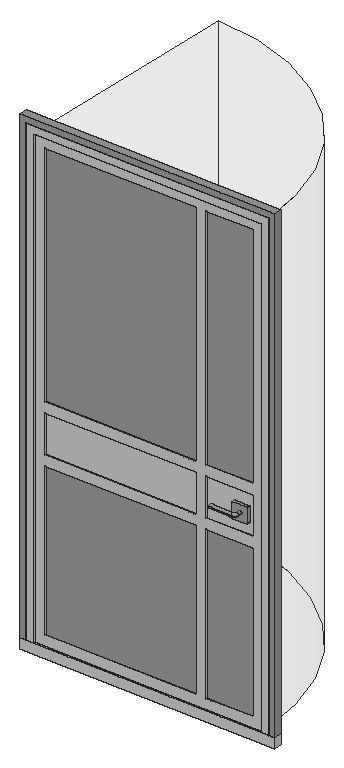
Revit family "AVLN_Дверь_Сетка", category Двери, Revit 2021
Family settings
  Основа = Стена
  Номер OmniClass = 23.30.10.00
  Заголовок OmniClass = Doors
  Всегда вертикально = Да
  При загрузке вырезать с полостями = Нет
  Общий = Нет
  Точка принадлежности помещению = Нет
Parameters (values of type "Для копирования!")
  х1 = if(Левая, (Width - 250 mm - Рама_полотно * 3 - Коробка толщина * 2 - Монтажный зазор * 2), 250 mm)  # 250 mm
  Ширина полотна [instance] = Width - Монтажный зазор * 2 - Коробка толщина * 2  # 1200 mm
  Тонкая линия проема = yes
  Толщина = 30 mm  # constant formula
  Стекло.Толщина = 15 mm
  Стекло = not([Глухая/Остекленная])  # yes
  Смещение проема [instance] = 50 mm
  Смещение внутрь = 0 mm
  С1 [instance] = if(Смещение проема = 0 mm, 1 mm, 0 mm)  # 0 mm
  Ручка смещение = 110 mm  # constant formula
  Ручка высота = 1000 mm  # constant formula
  Рама_полотно = 50 mm  # constant formula
  Рабочая зона = no
  Rough Width = Width - Монтажный зазор * 2  # 1280 mm
  Rough Height = Height - Монтажный зазор  # 2440 mm
  Правая = yes
  Порог_наружный_смещение [instance] = 50 mm
  Порог_внутренний_смещение [instance] = 50 mm
  Порог_внуренний [instance] = no
  Порог [instance] = no
  Определить тепловые свойства по = Тип схем
  Описание = "Индивидуальный дверной блок (лестница) стальной однопольный, с пониженым порогом, с уплотнителем, с доводчиком, с нажимными ручками. Без замка, с ограничителем. Ширина проема в свету не менее 900 мм. Цвет: см. Дизайн-проект."
  Окрывание 30° = yes
  Fire Rating = ""
  Монтажный зазор сверху [instance] = if(Смещение проема = 0 mm, Монтажный зазор - 1 mm, Монтажный зазор)  # 30 mm
  Монтажный зазор = 30 mm
  Матиал_Коробка = Сталь
  Материал_Сетка = Сетка
  Материал_Рабочая зона = none
  Материал_Полотно = Сталь
  Материал_Монтажный зазор = Монтажный зазор
  Материал_Дверной ручки = По умолчанию
  Левая = not(Правая)  # no
  Коробка.Профиль = 1 mm  # constant formula
  Коробка толщина = 40 mm  # constant formula
  Комментарии к типоразмеру = "Двери внутренние"
  Заполнение под проемом_Видимость [instance] = if(Смещение проема = 0 mm, 1 = 0, 1 = 1)  # yes
  Функция = Внутренние слои
  Группа модели = "Дверь"
  Глухая/Остекленная = no
  Глухая = [Глухая/Остекленная]  # no
  Height = 2470 mm
  Замыкание стены = По основе
  Width = 1340 mm
  Аналитическая конструкция = "<Нет>"
  АВЛН_Проем_Высота [instance] = if(Смещение проема = 0 mm, Height - 1 mm, Height)  # 2470 mm
  ADSK_Размер_Ширина [instance] = Width  # 1340 mm
  ADSK_Размер_Высота [instance] = Height + Смещение проема  # 2520 mm
  ADSK_Примечание [instance] = ""
  ADSK_Позиция [instance] = ""
  ADSK_Обозначение = "ГОСТ 31173-2016"
  ADSK_Наименование = "ДСВ Оп 2090-1100 Прг Л Н П2лс"
  ADSK_Масса = 0
  ADSK_Марка [instance] = "ДВ-21Л"
  ADSK_Количество [instance] = 1
  ADSK_Единица измерения [instance] = "шт."
  2 = Монтажный зазор * 2 + 100 mm  # 160 mm
Reference planes
  plane 1: y = 0
  plane 2 "По центру (Влево/Вправо)": x = 0
  plane 3 "Слева": x = -670
  plane 4 "Справа": x = 670
  plane 5: z = 2470
  plane 6 "Наружный": y = 150
  plane 7 "Внутренние": y = -150
  plane 8: z = -50
  plane 9: x = -640
  plane 10: x = 640
  plane 11: x = 600
  plane 12: x = -600
  plane 13: z = 2440
  plane 14: z = 2400
  plane 15 "Полотно_Н": y = 150
  plane 16 "Полотно_В": y = 120
  plane 17: z = -100
  plane 18: x = -490
  plane 19: x = 490
  plane 20: z = 1000
  plane 21: z = 1235
  plane 22 "Короб_В": y = 110
  plane 23: x = -599
  plane 24: x = 599
  plane 25: z = 2399
  plane 26: y = 1490
  plane 27: x = 550
  plane 28: z = 2350
  plane 29: x = -550
  plane 30: y = 135
  plane 31: y = 142.5
  plane 32: y = 127.5
  plane 33: y = 200
  plane 34: y = -200
  plane 35: z = -50
  plane 36 "Решетка_Смещение_Низ": z = 50
  plane 37 "Решетка_Смещение_Верх": z = 2172.293
  plane 38: y = 1330
  plane 39: x = 300
  plane 40: x = 250
Forms (mm)
  Extrusion 1, solid, material "Сталь" <- "Материал_Полотно", visible <- "Стекло", detail levels fine
    sketch origin (0, 150, 0) x (1, 0, 0) y (0, 0, 1)
      loop
        line (600, 2400) -> (-600, 2400) -> (-600, 0) -> (600, 0) -> (600, 2400)
      loop
        line (550, 2350) -> (300, 2350) -> (300, 1150) -> (550, 1150) -> (550, 2350)
      loop
        line (250, 1150) -> (250, 2350) -> (-550, 2350) -> (-550, 1150) -> (250, 1150)
      loop
        line (250, 850) -> (-550, 850) -> (-550, 50) -> (250, 50) -> (250, 850)
      loop
        line (550, 850) -> (300, 850) -> (300, 50) -> (550, 50) -> (550, 850)
      loop
        line (300, 1100) -> (300, 900) -> (550, 900) -> (550, 1100) -> (300, 1100)
      loop
        line (250, 1100) -> (-550, 1100) -> (-550, 900) -> (250, 900) -> (250, 1100)
    from 0 to 30
  Extrusion 2, solid, material "Сталь" <- "Матиал_Коробка", visible <- "Заполнение под проемом_Видимость", detail levels fine
    sketch origin (0, 150, 0) x (1, 0, 0) y (0, 0, 1)
      loop
        line (670, 0) -> (-670, 0) -> (-670, -50) -> (670, -50) -> (670, 0)
    from 0 to 40
  Extrusion 3, solid, material "Монтажный зазор" <- "Материал_Монтажный зазор"
    sketch origin (0, -150, 0) x (1, 0, 0) y (0, 0, 1)
      loop
        line (-670, 0) -> (-640, 0) -> (-640, 2440) -> (640, 2440) -> (640, 0) -> (670, 0) -> (670, 2470) -> (-670, 2470) -> (-670, 0)
    from -300 to -260
  Sweep 4, solid, material "Сталь" <- "Матиал_Коробка"
    path origin (0, 150, 0) x (-1, 0, 0) y (0, 0, 1)
      loop
        line (600, 0) -> (600, 2400) -> (-600, 2400) -> (-600, 0)
    profile origin (-600, 150, 1200) x (0, 1, 0) y (-1, 0, 0)
      loop
        line (0, 40) -> (-40, 40) -> (-40, -1) -> (-30, -1) -> (-30, 0) -> (0, 0) -> (0, 40)
  Extrusion 5, void
    sketch origin (0, 0, 0) x (1, 0, 0) y (0, 1, 0)
      loop
        line (-670, 1490) -> (-670, 150) -> (670, 150) -> (670, 1490) -> (-670, 1490)
    from -50 to 2470
  Extrusion 6, solid, material "Сетка" <- "Материал_Сетка", visible <- "Стекло", detail levels fine
    sketch origin (0, 150, 0) x (1, 0, 0) y (0, 0, 1)
      loop
        line (550, 2350) -> (300, 2350) -> (300, 1150) -> (550, 1150) -> (550, 2350)
      loop
        line (-550, 2350) -> (-550, 1150) -> (250, 1150) -> (250, 2350) -> (-550, 2350)
      loop
        line (550, 50) -> (550, 850) -> (300, 850) -> (300, 50) -> (550, 50)
      loop
        line (250, 50) -> (250, 850) -> (-550, 850) -> (-550, 50) -> (250, 50)
    from 7.5 to 22.5
  Extrusion 7, solid, material "Сталь" <- "Материал_Полотно", visible <- "Глухая"
    sketch origin (0, 150, 0) x (1, 0, 0) y (0, 0, 1)
      loop
        line (600, 2400) -> (-600, 2400) -> (-600, 0) -> (600, 0) -> (600, 2400)
    from 0 to 30
  Extrusion 8, solid, material "Зоны открывания", visible <- "Правая"
    sketch origin (1436.722, 564.195, 0) x (1, 0, 0) y (0, 1, 0)
      loop
        line (-2036.722, -414.195) -> (-836.722, -414.195)
        arc (-836.722, -414.195) -> (-1205.944, 410.495) -> (-2036.722, 765.805) r 1240.234
        line (-2036.722, 765.805) -> (-2036.722, -414.195)
    from 0 to 2400
  Extrusion 9, solid, material "Зоны открывания", visible <- "Левая"
    sketch origin (-1436.722, 564.195, 0) x (-1, 0, 0) y (0, -1, 0)
      loop
        line (-2035.722, 414.195) -> (-2035.722, -765.805)
        arc (-2035.722, -765.805) -> (-1200.025, -415.806) -> (-836.722, 414.195) r 1218.902
        line (-836.722, 414.195) -> (-2035.722, 414.195)
    from 0 to 2400
  Extrusion 10, solid, material "Сталь" <- "Материал_Полотно", visible <- "Стекло", detail levels fine
    sketch origin (0, 150, -250) x (1, 0, 0) y (0, 0, 1)
      loop
        line (550, 1350) -> (300, 1350) -> (300, 1150) -> (550, 1150) -> (550, 1350)
      loop
        line (-550, 1350) -> (-550, 1150) -> (250, 1150) -> (250, 1350) -> (-550, 1350)
    from 7.5 to 22.5
Lines and regions (mm)
  Opening 1
    outline origin (-3050, -150, 0) x (1, 0, 0) y (0, 0, 1)
      loop
        line (2380, -50) -> (3720, -50) -> (3720, 2470) -> (2380, 2470) -> (2380, -50)
  Masking region 1, visible <- "Тонкая линия проема"
    outline origin (95.796, -283.072, 0) x (1, 0, 0) y (0, 1, 0)
      loop
        line (-739.745, 443.072) -> (-765.796, 433.072) -> (-765.796, 133.072) -> (-765.796, 123.072) -> (574.204, 123.072) -> (574.204, 133.072) -> (574.204, 433.072) -> (546.729, 443.072) -> (-739.745, 443.072)
  model lines, style "Открывание_Внутрь", visible <- "Левая"
    curve 1: line (599, 120, 2399) -> (-599, 120, 1235)
    curve 2: line (-599, 120, 1235) -> (599, 120, 0)
  model lines, style "Открывание_Внутрь", visible <- "Правая"
    curve 3: line (-599, 120, 0) -> (599, 120, 1235)
    curve 4: line (599, 120, 1235) -> (-599, 120, 2399)
  model lines, style "Открывание_Наружу", visible <- "Правая"
    curve 5: line (-600, 150, 0) -> (599, 150, 1235)
    curve 6: line (599, 150, 1235) -> (-600, 150, 2400)
  model lines, style "Открывание_Наружу", visible <- "Левая"
    curve 7: line (600, 150, 2400) -> (-599, 150, 1235)
    curve 8: line (-599, 150, 1235) -> (600, 150, 0)
  model lines, style "Рабочая зона", visible <- "Рабочая зона"
    curve 9: line (-670, 150, 0) -> (-670, 1490, 0)
    curve 10: line (-670, 1490, 0) -> (670, 1490, 0)
    curve 11: line (670, 150, 0) -> (670, 1490, 0)
  symbolic lines, style "Порог", visible <- "Порог_внуренний"
    curve 12: line (-670, -200, 0) -> (670, -200, 0)
  symbolic lines, style "Порог", visible <- "Порог"
    curve 13: line (-670, 200, 0) -> (670, 200, 0)
Text (mm)
  text "Наружный" at (-2295.016, 1099.543, 0), in view "Опорный уровень"
  text "Наружный" at (0, 1615.38, 3698.081), in view "Слева"
  text "Наружный" at (0, 1036.032, 3874.932), in view "Справа"
Dimensions and locks
  equal spacing: plane 3 "Слева", plane 2 "По центру (Влево/Вправо)", plane 4 "Справа"
  "Width": plane 3 "Слева" to plane 4 "Справа"
  host wall to plane 5 = 2934.966 mm  (x2)
  locked: plane 6 "Наружный" to host wall
  locked: plane 7 "Внутренние" to host wall
  plane 8 to level = 50 mm
  "АВЛН_Проем_Высота": level to plane 5
  "Монтажный зазор": plane 3 "Слева" to plane 9
  "Монтажный зазор": plane 10 to plane 4 "Справа"
  "Смещение внутрь": plane 15 "Полотно_Н" to plane 6 "Наружный"
  "Толщина": plane 15 "Полотно_Н" to plane 16 "Полотно_В"
  level to plane 17 = 100 mm
  "Монтажный зазор сверху": plane 13 to plane 5
  "Коробка толщина": plane 14 to plane 13
  "Коробка толщина": plane 12 to plane 9
  "Коробка толщина": plane 11 to plane 10
  "Смещение проема": level to plane 8
  "Ручка высота": level to plane 20
  "Ручка смещение": plane 12 to plane 18
  "Ручка смещение": plane 19 to plane 11
  equal spacing: level, plane 21, plane 5
  equal spacing: plane 7 "Внутренние", plane 1, plane 6 "Наружный"
  "Коробка толщина": plane 15 "Полотно_Н" to plane 22 "Короб_В"
  "Коробка.Профиль": plane 12 to plane 23
  "Коробка.Профиль": plane 24 to plane 11
  "Коробка.Профиль": plane 14 to plane 25
  "Width": plane 26 to plane 15 "Полотно_Н"
  equal spacing: plane 15 "Полотно_Н", plane 30, plane 16 "Полотно_В"
  equal spacing: plane 32, plane 30, plane 31
  "Стекло.Толщина": plane 32 to plane 31
  "Порог_наружный_смещение": plane 6 "Наружный" to plane 33
  "Порог_внутренний_смещение": plane 34 to plane 7 "Внутренние"
  "С1": plane 8 to plane 35
  "Рама_полотно": plane 36 "Решетка_Смещение_Низ" to level
  "2": plane 26 to plane 38
  level to plane 14 = 2400 mm
  "Рама_полотно": plane 28 to plane 14
  "Рама_полотно": plane 27 to plane 11
  "Рама_полотно": plane 29 to plane 12
  "Рама_полотно": plane 40 to plane 39
  "х1": plane 39 to plane 27
  plane 29 to plane 40 = 800 mm
  plane 12 to plane 11 = 1200 mm
  Extrusion 1 to Extrusion 1 = 1100 mm
  aligned and locked: plane 3 "Слева" to Opening 1 sketch curve
  aligned and locked: Opening 1 sketch curve to plane 4 "Справа"
  aligned and locked: plane 1 to host wall
  aligned and locked: Extrusion 1 to plane 16 "Полотно_В"
  aligned and locked: plane 15 "Полотно_Н" to Extrusion 1
  aligned and locked: level to Extrusion 2 sketch curve
  aligned and locked: Extrusion 2 sketch curve to plane 4 "Справа"
  aligned and locked: Extrusion 2 sketch curve to host wall
  aligned and locked: nested 1 to plane 16 "Полотно_В"
  aligned and locked: nested 2 to plane 15 "Полотно_Н"
  aligned and locked: plane 15 "Полотно_Н" to nested 4
  aligned and locked: plane 16 "Полотно_В" to nested 3
  aligned and locked: plane 5 to Opening 1 sketch curve
  aligned and locked: plane 14 to Extrusion 1 sketch curve
  aligned and locked: Extrusion 3 sketch curve to plane 4 "Справа"
  aligned and locked: Extrusion 3 sketch curve to plane 10
  aligned and locked: Extrusion 3 sketch curve to plane 5
  aligned and locked: Extrusion 3 sketch curve to plane 13
  aligned and locked: plane 3 "Слева" to Extrusion 3 sketch curve
  aligned and locked: plane 9 to Extrusion 3 sketch curve
  aligned and locked: Extrusion 3 sketch curve to level  (x2)
  aligned and locked: nested 2 to plane 20
  aligned and locked: plane 20 to nested 4
  aligned and locked: plane 20 to nested 1
  aligned and locked: nested 3 to plane 20
  aligned and locked: plane 19 to nested 4
  aligned and locked: plane 18 to nested 2
  aligned and locked: nested 3 to plane 19
  aligned and locked: nested 1 to plane 18
  aligned and locked: nested 5 to plane 4 "Справа"
  aligned and locked: nested 5 to plane 3 "Слева"
  aligned and locked: nested 5 to plane 15 "Полотно_Н"
  aligned and locked: nested 6 to plane 3 "Слева"
  aligned and locked: nested 6 to plane 4 "Справа"
  aligned and locked: plane 15 "Полотно_Н" to nested 6
  aligned and locked: Extrusion 3 to plane 22 "Короб_В"
  aligned and locked: plane 15 "Полотно_Н" to Extrusion 3
  aligned and locked: plane 11 to Sweep 4 sketch curve
  aligned and locked: plane 14 to Sweep 4 sketch curve
  aligned and locked: plane 12 to Sweep 4 sketch curve  (x2)
  aligned and locked: plane 15 "Полотно_Н" to Sweep 4 sketch curve
  aligned and locked: plane 9 to Sweep 4 sketch curve
  aligned and locked: plane 23 to Sweep 4 sketch curve
  aligned and locked: plane 22 "Короб_В" to Sweep 4 sketch curve
  aligned and locked: plane 16 "Полотно_В" to Sweep 4 sketch curve
  aligned and locked: level to Sweep 4 sketch curve  (x2)
  aligned and locked: plane 23 to curve 4
  aligned and locked: plane 25 to curve 4
  aligned and locked: plane 25 to curve 1
  aligned and locked: plane 24 to curve 1
  aligned and locked: plane 23 to curve 1
  aligned and locked: plane 21 to curve 2
  aligned and locked: plane 24 to curve 4
  aligned and locked: plane 21 to curve 3
  aligned and locked: Sweep 4 to curve 3
  aligned and locked: level to curve 3
  aligned and locked: Sweep 4 to curve 2
  aligned and locked: level to curve 2
  aligned and locked: curve 9 to plane 3 "Слева"
  aligned and locked: curve 10 to plane 26
  aligned and locked: curve 11 to plane 4 "Справа"
  aligned and locked: plane 15 "Полотно_Н" to curve 9
  aligned and locked: plane 15 "Полотно_Н" to curve 11
  aligned and locked: Extrusion 5 sketch curve to plane 26
  aligned and locked: Extrusion 5 sketch curve to plane 3 "Слева"
  aligned and locked: Extrusion 5 sketch curve to plane 15 "Полотно_Н"
  aligned and locked: Extrusion 5 sketch curve to plane 4 "Справа"
  aligned and locked: Extrusion 5 to plane 5
  aligned and locked: plane 32 to Extrusion 6
  aligned and locked: plane 31 to Extrusion 6
  aligned and locked: plane 11 to Extrusion 7 sketch curve
  aligned and locked: plane 14 to Extrusion 7 sketch curve
  aligned and locked: plane 12 to Extrusion 7 sketch curve
  aligned and locked: level to Extrusion 7 sketch curve
  aligned and locked: plane 15 "Полотно_Н" to Extrusion 7
  aligned and locked: Extrusion 7 to plane 16 "Полотно_В"
  aligned and locked: curve 6 to curve 4
  aligned and locked: curve 8 to curve 2
  aligned and locked: Masking region 1 sketch curve to curve 9
  aligned and locked: Extrusion 1 to Masking region 1 sketch curve
  aligned and locked: plane 6 "Наружный" to Masking region 1 sketch curve
  aligned and locked: host wall to Masking region 1 sketch curve  (x2)
  aligned and locked: plane 3 "Слева" to Masking region 1
  aligned and locked: Masking region 1 to plane 4 "Справа"
  aligned and locked: plane 3 "Слева" to curve 13
  aligned and locked: plane 4 "Справа" to curve 13
  aligned and locked: curve 13 to plane 33
  aligned and locked: curve 12 to plane 34
  aligned and locked: Extrusion 2 to plane 35
  aligned and locked: Extrusion 5 to plane 8
  aligned and locked: Opening 1 sketch curve to plane 35
  aligned and locked: Extrusion 8 sketch curve to plane 12
  aligned and locked: plane 6 "Наружный" to Extrusion 8 sketch curve
  aligned and locked: plane 11 to Extrusion 8 sketch curve
  aligned and locked: plane 38 to Extrusion 8 sketch curve
  aligned and locked: Extrusion 8 to level
  aligned and locked: plane 14 to Extrusion 8
  aligned and locked: Extrusion 9 sketch curve to plane 24
  aligned and locked: Extrusion 2 to Extrusion 9 sketch curve
  aligned and locked: plane 12 to Extrusion 9 sketch curve
  aligned and locked: plane 38 to Extrusion 9 sketch curve
  aligned and locked: Extrusion 9 to Extrusion 8
  aligned and locked: Extrusion 9 to level
  aligned and locked: Extrusion 1 sketch curve to plane 28
  aligned and locked: plane 28 to Extrusion 1 sketch curve
  aligned and locked: Extrusion 1 sketch curve to plane 29  (x2)
  aligned and locked: plane 29 to Extrusion 1 sketch curve
  aligned and locked: Extrusion 1 sketch curve to plane 27  (x2)
  aligned and locked: plane 36 "Решетка_Смещение_Низ" to Extrusion 1 sketch curve  (x2)
  aligned and locked: Extrusion 6 sketch curve to plane 28  (x2)
  aligned and locked: Extrusion 6 sketch curve to plane 36 "Решетка_Смещение_Низ"  (x2)
  aligned and locked: plane 27 to Extrusion 6 sketch curve
  aligned and locked: Extrusion 6 sketch curve to plane 27
  aligned and locked: plane 29 to Extrusion 6 sketch curve  (x2)
  aligned and locked: plane 27 to Extrusion 1 sketch curve
  aligned and locked: Extrusion 1 sketch curve to plane 40  (x3)
  aligned and locked: Extrusion 1 sketch curve to plane 39  (x2)
  aligned and locked: plane 39 to Extrusion 1 sketch curve
  aligned and locked: plane 40 to Extrusion 6 sketch curve
  aligned and locked: Extrusion 6 sketch curve to plane 40
  aligned and locked: plane 27 to Extrusion 10 sketch curve
  aligned and locked: plane 39 to Extrusion 10 sketch curve
  aligned and locked: plane 40 to Extrusion 10 sketch curve
  aligned and locked: plane 29 to Extrusion 10 sketch curve
  aligned and locked: plane 39 to Extrusion 6 sketch curve
  aligned and locked: Extrusion 6 sketch curve to plane 39
Automatic sketch dimensions
  plane 12 to Extrusion 1 sketch curve = 0 mm
  Extrusion 1 sketch curve to level = 0 mm
  plane 11 to Extrusion 1 sketch curve = 0 mm
  Extrusion 1 sketch curve to plane 20 = 150 mm  (x2)
  Extrusion 1 sketch curve to Extrusion 1 sketch curve = 50 mm  (x3)
  Extrusion 1 sketch curve to Extrusion 1 sketch curve = 0 mm  (x2)
  Extrusion 2 sketch curve to plane 8 = 0 mm
  curve 12 to plane 3 "Слева" = 0 mm
  curve 12 to plane 4 "Справа" = 0 mm
  plane 11 to curve 7 = 0 mm
  curve 8 to level = 0 mm
  plane 11 to curve 8 = 0 mm
  curve 6 to plane 21 = 0 mm
  curve 7 to plane 21 = 0 mm
  plane 12 to curve 6 = 0 mm
  curve 5 to level = 0 mm
  plane 12 to curve 5 = 0 mm
  curve 7 to plane 14 = 0 mm
  curve 6 to plane 14 = 0 mm
  Extrusion 6 sketch curve to plane 20 = 150 mm
  Extrusion 6 sketch curve to Extrusion 6 sketch curve = 0 mm  (x2)
  Masking region 1 sketch curve to plane 4 "Справа" = 0 mm
  Masking region 1 sketch curve to plane 9 = 3.949 mm
  plane 10 to Masking region 1 sketch curve = 2.525 mm
  host wall to Masking region 1 sketch curve = 10 mm  (x2)
  plane 9 to Extrusion 8 sketch curve = 1.2 mm
  plane 22 "Короб_В" to Extrusion 9 sketch curve = 1.25 mm
  Extrusion 10 sketch curve to plane 20 = 100 mm
  Extrusion 10 sketch curve to Extrusion 10 sketch curve = 0 mm  (x2)
  Extrusion 10 sketch curve to plane 37 "Решетка_Смещение_Верх" = 1072.293 mm
  plane 20 to Extrusion 1 sketch curve = 100 mm
  Extrusion 6 sketch curve to plane 21 = 85 mm
Nested families
  nested 1: "Дв_Дверная ручка_Квадрат" at (-490, 120, -40), visible <- "Левая", type "Дв_Дверная ручка_Квадрат", detail levels fine
  nested 2: "Дв_Дверная ручка_Квадрат" at (-490, 150, -40), visible <- "Левая", type "Дв_Дверная ручка_Квадрат", detail levels fine
  nested 3: "Дв_Дверная ручка_Квадрат" at (490, 120, -40) x (-1, 0, 0) z (0, 0, 1), visible <- "Правая", type "Дв_Дверная ручка_Квадрат", detail levels fine
  nested 4: "Дв_Дверная ручка_Квадрат" at (490, 150, -40) x (-1, 0, 0) z (0, 0, 1), visible <- "Правая", type "Дв_Дверная ручка_Квадрат", detail levels fine
  nested 5: "АС-Однопольная-Обозначение на плане" at (0, 150, -50), Width <- "Width", Толщина <- "Толщина", Коробка.Толщина <- "Коробка толщина", Height <- "Rough Height", Полотно.Ширина <- "Ширина полотна", Rough Width <- "Rough Width", visible <- "Левая", Коробка.Ширина <- "Коробка.Профиль", type "АС-Стандарт"
    with Width 1340 mm, Толщина 30 mm, Rough Width 1280 mm, Полотно.Ширина 1200 mm, Коробка.Ширина 1 mm, Коробка.Толщина 40 mm, Height 2440 mm
  nested 6: "АС-Однопольная-Обозначение на плане" at (0, 150, -50) x (-1, 0, 0) z (0, 0, 1), Width <- "Width", Толщина <- "Толщина", Коробка.Толщина <- "Коробка толщина", Height <- "Rough Height", Полотно.Ширина <- "Ширина полотна", Rough Width <- "Rough Width", visible <- "Правая", Коробка.Ширина <- "Коробка.Профиль", type "АС-Стандарт"
    with Width 1340 mm, Толщина 30 mm, Rough Width 1280 mm, Полотно.Ширина 1200 mm, Коробка.Ширина 1 mm, Коробка.Толщина 40 mm, Height 2440 mm
Definition of nested family "Дв_Дверная ручка_Квадрат"
  Parameters (values of type "Дв_Дверная ручка_Квадрат")
    Define Thermal Properties by = 1
    Материал дверной ручки = none
    Высота расположения дверной ручки [instance] = 1040 mm
    Analytic Construction = "<Нет>"
  Reference planes
    plane 1 "По центру (Вперед/Назад)": y = 0
    plane 2: z = 0
    plane 3 "По центру (Влево/Вправо)": x = 0
    plane 4: z = 1040
    plane 5: x = -41.434
    plane 6: x = 41.434
    plane 7: z = 1080
    plane 8: z = 1000
    plane 9: y = -15
  Forms (mm)
    Extrusion 1, solid, material <- "Материал дверной ручки"
      sketch origin (0, 0, 0) x (1, 0, 0) y (0, 0, 1)
        loop
          arc (-36.434, 1080) -> (-39.969, 1078.536) -> (-41.434, 1075) r 5
          line (-41.434, 1075) -> (-41.434, 1005)
          arc (-41.434, 1005) -> (-39.969, 1001.464) -> (-36.434, 1000) r 5
          line (-36.434, 1000) -> (36.434, 1000)
          arc (36.434, 1000) -> (39.969, 1001.464) -> (41.434, 1005) r 5
          line (41.434, 1005) -> (41.434, 1075)
          arc (41.434, 1075) -> (39.969, 1078.536) -> (36.434, 1080) r 5
          line (36.434, 1080) -> (-36.434, 1080)
      from 0 to 15
    Sweep 2, solid, material <- "Материал дверной ручки"
      path origin (0, 0, 0) x (1, 0, 0) y (0, 1, 0)
        loop
          line (0, -15) -> (0, -38.261)
          arc (0, -38.261) -> (2.929, -45.332) -> (10, -48.261) r 10
          line (10, -48.261) -> (130, -48.261)
      profile origin (0, -26.63, 0) x (1, 0, 0) y (0, 0, 1)
        loop
          circle (0, 1040) r 8
  Dimensions and locks
    "Высота расположения дверной ручки": plane 4 to level
    plane 7 to plane 8 = 80 mm
    plane 6 to plane 5 = 82.868 mm
    equal spacing: plane 6, plane 3 "По центру (Влево/Вправо)", plane 5
    locked: plane 1 "По центру (Вперед/Назад)" to plane 9 at 15
    aligned and locked: level to plane 2
    aligned and locked: Extrusion 1 sketch curve to plane 7
    aligned and locked: plane 5 to Extrusion 1 sketch curve
    aligned and locked: plane 8 to Extrusion 1 sketch curve
    aligned and locked: Extrusion 1 sketch curve to plane 6
    aligned and locked: Extrusion 1 to plane 1 "По центру (Вперед/Назад)"
    aligned and locked: plane 4 to Sweep 2
  Automatic sketch dimensions
    Sweep 2 sketch curve to plane 3 "По центру (Влево/Вправо)" = 0 mm
    plane 9 to Sweep 2 sketch curve = 0 mm
    Sweep 2 sketch curve to Sweep 2 sketch curve = 10 mm
    Sweep 2 sketch curve to Sweep 2 sketch curve = 23.261 mm
    Sweep 2 sketch curve to Sweep 2 sketch curve = 120 mm
    profile plane to Sweep 2 sketch curve = 0 mm
    level to Sweep 2 sketch curve = 1040 mm
    Extrusion 1 sketch curve to Extrusion 1 sketch curve = 5 mm  (x3)
    plane 5 to Extrusion 1 sketch curve = 5 mm
    radius of Sweep 2 sketch curve = 8 mm
Definition of nested family "АС-Однопольная-Обозначение на плане"
  Parameters (values of type "АС-Стандарт")
    Полотно.Ширина [instance] = 900 mm
    Открывание двери 90 = not(Открывание двери 30)  # no
    Открывание двери 30 = yes
    Линия открывания (дуга) = not(Открывание двери 30)  # no
    Коробка.Ширина [instance] = 40 mm
    Коробка.Толщина [instance] = 80 mm
    Width [instance] = 1000 mm
    Thickness [instance] = 40 mm
    Rough Width [instance] = 960 mm
    Height [instance] = 2100 mm
    Default Elevation = 0 mm
    Analytic Construction = "<Нет>"
  Reference planes
    plane 1 "Center (Front/Back)": y = 0
    plane 2: z = 0
    plane 3 "Center (Left/Right)": x = 0
    plane 4 "Полотно.Слева": x = -480
    plane 5 "Полотно справа": x = 480
    plane 6 "Проем.Слева": x = -500
    plane 7 "Проем.Справа": x = 500
    plane 8 "Полотно. Внутренняя сторона": y = -40
    plane 9 "Коробка. Внутренняя сторона": y = -80
    plane 10 "Коробка.Внутренняя сторона слева": x = -450
    plane 11 "Коробка. Внутренняя сторона справа": x = 450
    plane 12 "2": x = -410
    plane 13 "3": x = 410
  Lines and regions (mm)
    Masking region 1, detail levels fine
      outline origin (0, 0, 0) x (1, 0, 0) y (0, 1, 0)
        loop
          line (-500, -80) -> (-480, -80) -> (-480, 0) -> (-500, 0) -> (-500, -80)
    Masking region 2, detail levels fine
      outline origin (0, 0, 0) x (1, 0, 0) y (0, 1, 0)
        loop
          line (500, -80) -> (500, 0) -> (480, 0) -> (480, -80) -> (500, -80)
    Masking region 3, detail levels fine
      outline origin (0, 0, 0) x (1, 0, 0) y (0, 1, 0)
        loop
          line (-480, 0) -> (-480, -80) -> (-410, -80) -> (-410, -40) -> (-450, -40) -> (-450, 0) -> (-480, 0)
    Masking region 4, detail levels fine
      outline origin (0, 0, 0) x (1, 0, 0) y (0, 1, 0)
        loop
          line (480, 0) -> (450, 0) -> (450, -40) -> (410, -40) -> (410, -80) -> (480, -80) -> (480, 0)
    Masking region 5, visible <- "Открывание двери 90", detail levels fine
      outline origin (0, 0, 0) x (1, 0, 0) y (0, 1, 0)
        loop
          line (450, 0) -> (450, 900) -> (410, 900) -> (410, 0) -> (450, 0)
    Masking region 6, visible <- "Открывание двери 30", detail levels fine
      outline origin (0, 0, 0) x (1, 0, 0) y (0, 1, 0)
        loop
          line (450, 0) -> (-329.423, 450) -> (-349.423, 415.359) -> (430, -34.641) -> (450, 0)
    symbolic lines, visible <- "Открывание двери 30", detail levels coarse+medium
      curve 1: line (500, 0, 0) -> (-366.025, 500, 0)
    symbolic lines, visible <- "Открывание двери 90", detail levels coarse+medium
      curve 2: line (500, 0, 0) -> (500, 1000, 0)
    symbolic lines, visible <- "Линия открывания (дуга)", detail levels coarse+medium
      curve 3: arc (500, 1000, 0) -> (-207.107, 707.107, 0) -> (-500, 0, 0) r 1000
    symbolic lines, visible <- "Линия открывания (дуга)", detail levels fine
      curve 4: arc (-450, 0, 0) -> (-186.396, 636.396, 0) -> (450, 900, 0) r 900
    model lines, not visible
      curve 5: line (0, 0, 0) -> (0, 0, 2100)
  Dimensions and locks
    "Thickness": plane 1 "Center (Front/Back)" to plane 8 "Полотно. Внутренняя сторона"  (x2)
    equal spacing: plane 4 "Полотно.Слева", plane 3 "Center (Left/Right)", plane 5 "Полотно справа"
    equal spacing: plane 6 "Проем.Слева", plane 3 "Center (Left/Right)", plane 7 "Проем.Справа"
    "Width": plane 6 "Проем.Слева" to plane 7 "Проем.Справа"
    "Rough Width": plane 4 "Полотно.Слева" to plane 5 "Полотно справа"
    plane 1 "Center (Front/Back)" to plane 9 "Коробка. Внутренняя сторона" = 80 mm
    "Коробка.Толщина": plane 9 "Коробка. Внутренняя сторона" to plane 1 "Center (Front/Back)"
    equal spacing: plane 10 "Коробка.Внутренняя сторона слева", plane 3 "Center (Left/Right)", plane 11 "Коробка. Внутренняя сторона справа"
    "Полотно.Ширина": plane 10 "Коробка.Внутренняя сторона слева" to plane 11 "Коробка. Внутренняя сторона справа"
    "Width": curve 1 to curve 1
    "Width": plane 1 "Center (Front/Back)" to curve 2
    "Коробка.Ширина": plane 10 "Коробка.Внутренняя сторона слева" to Masking region 3 sketch curve
    "Коробка.Ширина": Masking region 4 sketch curve to Masking region 4 sketch curve
    "Полотно.Ширина": plane 1 "Center (Front/Back)" to Masking region 5 sketch curve
    "Thickness": Masking region 5 sketch curve to plane 11 "Коробка. Внутренняя сторона справа"
    "Полотно.Ширина": Masking region 6 sketch curve to Masking region 6 sketch curve
    "Thickness": Masking region 6 sketch curve to Masking region 6 sketch curve
    "Height": curve 5 to level
    "Thickness": Masking region 5 to plane 11 "Коробка. Внутренняя сторона справа"
    "Thickness": Masking region 6 to Masking region 6
    "Коробка.Ширина": plane 10 "Коробка.Внутренняя сторона слева" to plane 12 "2"
    "Коробка.Ширина": plane 13 "3" to plane 11 "Коробка. Внутренняя сторона справа"
    "Width": radius of curve 3
    "Полотно.Ширина": radius of curve 4
    locked: curve 1 to plane 1 "Center (Front/Back)" (angle 30.00°)
    locked: Masking region 6 sketch curve to plane 1 "Center (Front/Back)" (angle 30.00°)
    aligned and locked: level to plane 2
    aligned and locked: plane 7 "Проем.Справа" to curve 2
    aligned and locked: plane 1 "Center (Front/Back)" to curve 2
    aligned and locked: Masking region 1 sketch curve to plane 9 "Коробка. Внутренняя сторона"
    aligned and locked: plane 6 "Проем.Слева" to Masking region 1 sketch curve
    aligned and locked: Masking region 1 sketch curve to plane 1 "Center (Front/Back)"
    aligned and locked: plane 4 "Полотно.Слева" to Masking region 1 sketch curve
    aligned and locked: plane 9 "Коробка. Внутренняя сторона" to Masking region 2 sketch curve
    aligned and locked: Masking region 2 sketch curve to plane 7 "Проем.Справа"
    aligned and locked: plane 1 "Center (Front/Back)" to Masking region 2 sketch curve
    aligned and locked: plane 5 "Полотно справа" to Masking region 2 sketch curve
    aligned and locked: Masking region 3 sketch curve to plane 4 "Полотно.Слева"
    aligned and locked: Masking region 3 sketch curve to plane 10 "Коробка.Внутренняя сторона слева"
    aligned and locked: Masking region 3 sketch curve to plane 1 "Center (Front/Back)"
    aligned and locked: Masking region 3 sketch curve to plane 9 "Коробка. Внутренняя сторона"
    aligned and locked: Masking region 3 sketch curve to plane 8 "Полотно. Внутренняя сторона"
    aligned and locked: Masking region 4 sketch curve to plane 5 "Полотно справа"
    aligned and locked: Masking region 4 sketch curve to plane 11 "Коробка. Внутренняя сторона справа"
    aligned and locked: Masking region 4 sketch curve to plane 9 "Коробка. Внутренняя сторона"
    aligned and locked: Masking region 4 sketch curve to plane 8 "Полотно. Внутренняя сторона"
    aligned and locked: Masking region 4 sketch curve to plane 1 "Center (Front/Back)"
    aligned and locked: curve 4 to Masking region 3
    aligned and locked: plane 11 "Коробка. Внутренняя сторона справа" to curve 4
    aligned and locked: Masking region 4 to Masking region 5 sketch curve
    aligned and locked: Masking region 5 sketch curve to Masking region 4
    aligned and locked: plane 11 "Коробка. Внутренняя сторона справа" to Masking region 6 sketch curve
    aligned and locked: plane 2 to curve 5
    aligned and locked: plane 3 "Center (Left/Right)" to curve 5
    aligned and locked: plane 11 "Коробка. Внутренняя сторона справа" to Masking region 5
    aligned and locked: plane 1 "Center (Front/Back)" to Masking region 5
  Automatic sketch dimensions
    plane 1 "Center (Front/Back)" to Masking region 6 sketch curve = 0 mm
